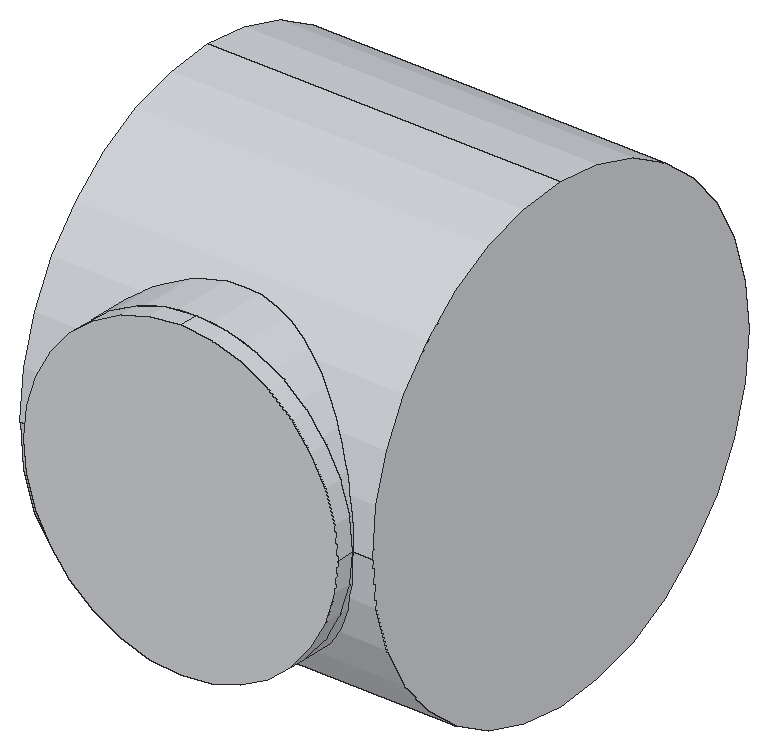
Revit family "eecd060d1fcb463ea3ba12072e64e0f5", category Duct Fittings, Revit 2021
Family settings
  Round Connector Dimension = Use Radius
  Part Type = Tee
  OmniClass Number = 23.75.70.14
  OmniClass Title = Air Ductwork
  Seek Item ID = Round Tee - Bullhead-0000-USA-ENU
  Work Plane-Based = No
  Always vertical = Yes
  Cut with Voids When Loaded = No
  Shared = No
Parameters (values of type "Standard")
  Middle Radius [instance] = Duct Radius 3 - abs(Duct Diameter 3 / 2 - Middle Radius 1) / Duct Radius 1 * Duct Radius 1  # 8"
  Middle Radius 1 [instance] = if(Duct Diameter 1 / 2 > Duct Diameter 3 / 2, Duct Diameter 3 / 2, Duct Diameter 1 / 2)  # 8"
  Duct Radius 3 [instance] = 8"
  Duct Radius 1 [instance] = 12"
  Duct Length 3 [instance] = Duct Diameter 1 / 2 + 0' 1"  # 13"
  Duct Length 1 [instance] = Duct Diameter 3 / 2 + 0' 1"  # 9"
  Duct Diameter 3 [instance] = 2 * Duct Radius 3  # 16"
  Duct Diameter 1 [instance] = 2 * Duct Radius 1  # 24"
  Default Elevation = 0' - 0"
  Assembly Code = ""
Reference planes (in)
  plane 1 "Center (Front/Back)": y = 0
  plane 2: z = 0
  plane 3 "Center (Left/Right)": x = 0
  plane 4: x = -9
  plane 5: x = 9
  plane 6: y = -13
  plane 7: y = -12
  plane 8: y = -12
  plane 9: y = -12
Forms (in)
  Sweep 1, solid, detail levels medium+fine
    path in 3D
      loop
        line (-9, 0, 0) -> (9, 0, 0)
    profile "Duct - Round : Duct - Round 1" origin (0, 0, 0) x (0, 1, 0) y (0, 0, 1)
      loop
        arc (-12, 0) -> (-8.48528, -8.48528) -> (0, -12) r 12
        arc (0, -12) -> (8.48528, -8.48528) -> (12, 0) r 12
        arc (12, 0) -> (8.48528, 8.48528) -> (0, 12) r 12
        arc (0, 12) -> (-8.48528, 8.48528) -> (-12, 0) r 12
  Sweep 2, solid, detail levels medium+fine
    path in 3D
      loop
        line (0, -12, 0) -> (0, -13, 0)
    profile "Duct - Round : Duct - Round 3" origin (0, -12.5, 0) x (1, 0, 0) y (0, 0, 1)
      loop
        arc (-8, 0) -> (-5.65685, -5.65685) -> (0, -8) r 8
        arc (0, -8) -> (5.65685, -5.65685) -> (8, 0) r 8
        arc (8, 0) -> (5.65685, 5.65685) -> (0, 8) r 8
        arc (0, 8) -> (-5.65685, 5.65685) -> (-8, 0) r 8
  Blend 3, solid, detail levels medium+fine
    base sketch origin (0, 0, 0) x (1, 0, 0) y (0, 0, 1)
      loop
        circle (0, 0) r 8
    top sketch origin (0, 0, 0) x (1, 0, 0) y (0, 0, 1)
      loop
        circle (0, 0) r 8
    from 12 to 0
Cuts and joins
  joined: Sweep 1, Sweep 2, Blend 3
Lines and regions (in)
  reference lines
    curve 1: line (-9, 0, 0) -> (9, 0, 0)
    curve 2: line (0, -13, 0) -> (0, 0, 0)
    curve 6: line (0, -12, 0) -> (0, -13, 0)
    curve 7: line (0, -12, 0) -> (0, -13, 0)
    curve 8: line (0, -12, 0) -> (0, -13, 0)
  sketch lines
    curve 3: line (-9, 0, 0) -> (9, 0, 0)
    curve 9: line (0, -12, 0) -> (0, -13, 0)
  model lines, style "DuctFitting", detail levels coarse
    curve 4: line (-9, 0, 0) -> (9, 0, 0)
    curve 5: line (0, -13, 0) -> (0, 0, 0)
Dimensions and locks (in)
  "Duct Length 3": plane 6 to plane 1 "Center (Front/Back)"
  "Duct Length 1": plane 4 to plane 3 "Center (Left/Right)"
  "Duct Length 1": plane 3 "Center (Left/Right)" to plane 5
  "Duct Radius 1": plane 1 "Center (Front/Back)" to plane 7
  "Duct Radius 1": plane 1 "Center (Front/Back)" to plane 8
  "Duct Radius 1": plane 1 "Center (Front/Back)" to plane 9
  "Duct Radius 3": radius of Blend 3 sketch curve
  "Middle Radius": radius of Blend 3 sketch curve
  aligned and locked: plane 4 to curve 1
  aligned and locked: plane 5 to curve 1
  aligned and locked: plane 1 "Center (Front/Back)" to curve 1
  aligned and locked: plane 1 "Center (Front/Back)" to curve 2
  aligned and locked: plane 6 to curve 2
  aligned and locked: curve 2 to plane 3 "Center (Left/Right)"
  aligned and locked: curve 5 to curve 2
  aligned and locked: plane 6 to curve 5
  aligned and locked: plane 1 "Center (Front/Back)" to curve 4
  aligned and locked: plane 4 to curve 4
  aligned and locked: plane 5 to curve 4
  aligned and locked: plane 8 to curve 6
  aligned and locked: plane 6 to curve 6
  aligned and locked: curve 6 to plane 3 "Center (Left/Right)"
  aligned and locked: plane 6 to curve 7
  aligned and locked: plane 9 to curve 7
  aligned and locked: curve 7 to plane 3 "Center (Left/Right)"
  aligned and locked: plane 7 to curve 8
  aligned and locked: plane 6 to curve 8
  aligned and locked: curve 8 to plane 3 "Center (Left/Right)"
  aligned and locked: plane 2 to Blend 3 sketch curve  (x2)
  aligned and locked: plane 3 "Center (Left/Right)" to Blend 3 sketch curve  (x2)
  aligned and locked: plane 9 to Blend 3
  aligned and locked: Blend 3 to plane 1 "Center (Front/Back)"
Connectors (in)
  hvac at (-9, 0, 0), driven by "Duct Radius 1"
    settings: on cut or joined group of Sweep 1, Sweep 2, Blend 3, index 1, duct flow 0 CFM, flow factor 0, pres drop 0.00 in-wg, loss coef 0, conn angle 0.00°, conn width 12", conn height 12", conn diameter 24", duct sys type 28, conn prof type 0, flow config 0, flow direction 0, loss method 0, conn ref index 2, conn util no, is conn primary yes, conn desc ""
  hvac at (9, 0, 0), driven by "Duct Radius 1"
    settings: on cut or joined group of Sweep 1, Sweep 2, Blend 3, index 2, duct flow 0 CFM, flow factor 0, pres drop 0.00 in-wg, loss coef 0, conn angle 0.00°, conn width 12", conn height 12", conn diameter 24", duct sys type 28, conn prof type 0, flow config 0, flow direction 0, loss method 0, conn ref index 1, conn util no, is conn primary no, conn desc ""
  hvac at (0, -13, 0), driven by "Duct Radius 3"
    settings: on cut or joined group of Sweep 1, Sweep 2, Blend 3, index 3, duct flow 0 CFM, flow factor 0, pres drop 0.00 in-wg, loss coef 0, conn angle 0.00°, conn width 12", conn height 12", conn diameter 16", duct sys type 28, conn prof type 0, flow config 0, flow direction 0, loss method 0, conn ref index -1, conn util no, is conn primary no, conn desc ""
